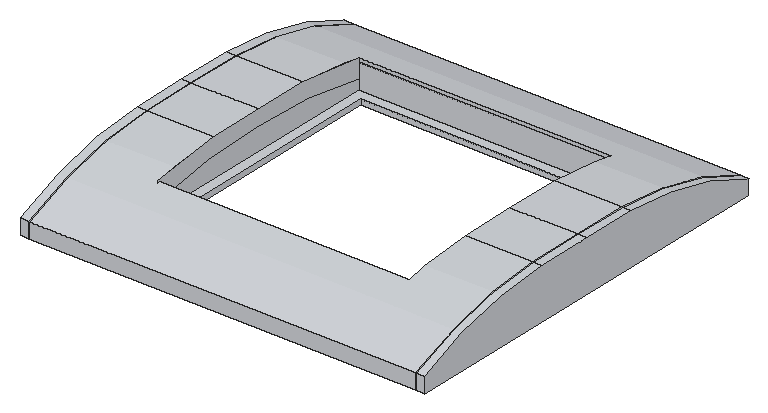
Revit family "Gira_1002331", category Electrical Fixtures, host Face, Revit 2017
Family settings
  Host = Face
  Maintain Annotation Orientation = No
  Round Connector Dimension = Use Diameter
  Part Type = Normal
  Cut with Voids When Loaded = No
  Shared = No
  Room Calculation Point = No
Parameters (values of type "Cov.fr. 2-g w/o cb interm.fr. PW Gira Event Opaque dark brown")
  With mounting grid = "No"
  With hinged lid = "No"
  URL = "http://katalog.gira.de/en/datenblatt.html?artikelnr=1002331"
  Type of fastening = "Clamp mounting"
  Transparent = "No"
  Surface protection = "Other"
  Suitable for wall duct = "No"
  Suitable for flush-mounted installation = "Yes"
  Suitable for floor box = "No"
  Suitable for built-in installation = "No"
  Number of units vertical = "2"
  Number of units horizontal = "2"
  Number of units = "2"
  Name = "Cov.fr. 2-g w/o cb interm.fr. PW Gira Event Opaque dark brown"
  Mounting direction = "Horizontal and vertical"
  Material quality = "Thermoplastic"
  Material = "Plastic"
  Manufacturer URL = "https://www.gira.de/"
  Manufacturer = "Gira"
  Label space/information surface = "No"
  Keynote = ""
  HeinzeBIM = "https://bimportal.heinze.de/bim/cov-fr-2-g-w-o-cb-interm-fr-pw-gira-event-opaque-dark-brown/c0427c3904edd36c51ddb6fe6fc0c4c45f247244"
  Halogen free = "Yes"
  HAN = "1002331"
  GTIN = "4010337074731"
  Description = "Cov.fr.2g w o cb i.fr.PW EvOp DBN,Gira Event Opaque frames,dark brown with pure white glossy intermediate frame,2-gang without crossbar,Features:,- Shatter-proof."
  Degree of protection (IP) = "IP20"
  Default Elevation = 1219.2 mm
  Data sheet (1) = "https://katalog.gira.de/en/download.html?artikelnr=1002331"
  Colour = "Brown"
  Category = "Cover frame for domestic switching devices"
  BIM (1) = "https://media.stage.bim.site/public/gira/36a6b08/Event_Rahmen_2fach o.Mittelsteg.rfa?public/gira/36a6b08/Event_Rahmen_2fach o.Mittelsteg.rfa"
  Available = "No"
Reference planes
  plane 1 "Center (Front/Back)": y = 0
  plane 2: z = 0
  plane 3 "Center (Left/Right)": x = 0
Forms (mm)
  Extrusion 1, solid, detail levels fine
    sketch origin (0, 0, 1.55) x (0, 1, 0) y (0, 0, 1)
      loop
        arc (12.445, 9.683) -> (6.223, 9.833) -> (0, 9.85) r 291.636
        arc (0, 9.85) -> (-6.223, 9.833) -> (-12.445, 9.683) r 291.636
        arc (-12.445, 9.683) -> (-29.14, 7.482) -> (-45, 1.823) r 79.728
        line (-45, 1.823) -> (-45, -1.55) -> (-41.777, -1.55) -> (-41.777, -0.55)
        arc (-41.777, -0.55) -> (-21.205, 4.846) -> (0, 6.467) r 118.15
        arc (0, 6.467) -> (21.205, 4.846) -> (41.777, -0.55) r 118.15
        line (41.777, -0.55) -> (41.777, -1.55) -> (45, -1.55) -> (45, 1.823)
        arc (45, 1.823) -> (29.14, 7.482) -> (12.445, 9.683) r 79.728
    from -43 to 43
  Extrusion 2, void, detail levels fine
    sketch origin (0, 0, 0) x (1, 0, 0) y (0, 1, 0)
      loop
        line (-28, -28) -> (28, -28) -> (28, 28) -> (-28, 28) -> (-28, -28)
    from 2.85 to 12
  Extrusion 3, solid, detail levels coarse
    sketch origin (0, 0, 0) x (1, 0, 0) y (0, 1, 0)
      loop
        line (-45, 45) -> (-45, -45) -> (45, -45) -> (45, 45) -> (-45, 45)
    from 0 to 11.4
  Extrusion 4, solid, detail levels medium
    sketch origin (0, 0, 1.55) x (0, 1, 0) y (0, 0, 1)
      loop
        arc (12.445, 9.683) -> (6.223, 9.833) -> (0, 9.85) r 291.636
        arc (0, 9.85) -> (-6.223, 9.833) -> (-12.445, 9.683) r 291.636
        arc (-12.445, 9.683) -> (-29.14, 7.482) -> (-45, 1.823) r 79.728
        line (-45, 1.823) -> (-45, -1.55) -> (45, -1.55) -> (45, 1.823)
        arc (45, 1.823) -> (29.14, 7.482) -> (12.445, 9.683) r 79.728
    from -45 to 45
  Extrusion 5, solid, detail levels fine
    sketch origin (0, 0, 0) x (0, 1, 0) y (0, 0, 1)
      loop
        arc (45, 3.373) -> (29.14, 9.032) -> (12.445, 11.233) r 79.728
        arc (12.445, 11.233) -> (6.223, 11.383) -> (0, 11.4) r 291.636
        arc (0, 11.4) -> (-6.223, 11.383) -> (-12.445, 11.233) r 291.636
        arc (-12.445, 11.233) -> (-29.14, 9.032) -> (-45, 3.373) r 79.728
        line (-45, 3.373) -> (-45, 0) -> (45, 0) -> (45, 3.373)
    from 43 to 45
  Extrusion 6, solid, detail levels fine
    sketch origin (0, 0, 0) x (0, 1, 0) y (0, 0, -1)
      loop
        line (45, -3.373) -> (45, 0) -> (-45, 0) -> (-45, -3.373)
        arc (-45, -3.373) -> (-29.14, -9.032) -> (-12.445, -11.233) r 79.728
        arc (-12.445, -11.233) -> (-6.223, -11.383) -> (0, -11.4) r 291.636
        arc (0, -11.4) -> (6.223, -11.383) -> (12.445, -11.233) r 291.636
        arc (12.445, -11.233) -> (29.14, -9.032) -> (45, -3.373) r 79.728
    from 43 to 45
  Extrusion 7, solid, detail levels fine
    sketch origin (0, 0, 0) x (1, 0, 0) y (0, 1, 0)
      loop
        line (-25.7, 25.7) -> (-25.7, -25.7) -> (25.7, -25.7) -> (25.7, 25.7) -> (-25.7, 25.7)
      loop
        line (-29.495, 27.895) -> (-29.495, -27.895)
        spline (-29.495, -27.895) -> (-29.486, -28.025) -> (-29.461, -28.154) -> (-29.419, -28.278) -> (-29.361, -28.395) -> (-29.288, -28.504) -> (-29.202, -28.602) -> (-29.104, -28.688) -> (-28.995, -28.761) -> (-28.878, -28.819) -> (-28.754, -28.861) -> (-28.625, -28.886) -> (-28.495, -28.895)
        line (-28.495, -28.895) -> (28.495, -28.895)
        spline (28.495, -28.895) -> (28.625, -28.886) -> (28.754, -28.861) -> (28.878, -28.819) -> (28.995, -28.761) -> (29.104, -28.688) -> (29.202, -28.602) -> (29.288, -28.504) -> (29.361, -28.395) -> (29.419, -28.278) -> (29.461, -28.154) -> (29.486, -28.025) -> (29.495, -27.895)
        line (29.495, -27.895) -> (29.495, 27.895)
        spline (29.495, 27.895) -> (29.486, 28.025) -> (29.461, 28.154) -> (29.419, 28.278) -> (29.361, 28.395) -> (29.288, 28.504) -> (29.202, 28.602) -> (29.104, 28.688) -> (28.995, 28.761) -> (28.878, 28.819) -> (28.754, 28.861) -> (28.625, 28.886) -> (28.495, 28.895)
        line (28.495, 28.895) -> (-28.495, 28.895)
        spline (-28.495, 28.895) -> (-28.625, 28.886) -> (-28.754, 28.861) -> (-28.878, 28.819) -> (-28.995, 28.761) -> (-29.104, 28.688) -> (-29.202, 28.602) -> (-29.288, 28.504) -> (-29.361, 28.395) -> (-29.419, 28.278) -> (-29.461, 28.154) -> (-29.486, 28.025) -> (-29.495, 27.895)
    from 1.673 to 8.5
Cuts and joins
  Extrusion 2 cuts Extrusion 1
  Extrusion 2 cuts Extrusion 7
Dimensions and locks
  aligned and locked: plane 2 to host face
  aligned and locked: level to host face
